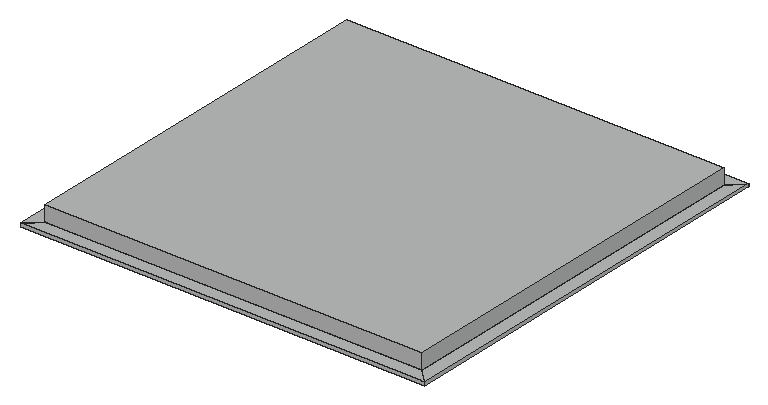
Revit family "AVRORA", category Осветительные приборы, Revit 2019 (continued)
Types (10, lengths in mm): name | built-in parameter 1150134 | Файл фотометрической сетки | built-in parameter 1150142 | built-in parameter 1150107 | Emit from Rectangle Width | Emit from Rectangle Length | Длина | Ширина | ADSK_Обозначение | ADSK_Наименование | ADSK_Код изделия
  AVRORA-32/opal-sand 595x595х25 (IP20, 4000К) | 12 | "Светильник AVRORA-32  OPAL-SAND-(595x595).ies" | "IESNA:LM-63-1995\r\n[TEST] Протокол №309/16 от 13.10.2016г. Испытательная лаборатория Государственного предприятия \"ЦСОТ НАН Беларуси\"\r\n[MORE] FFFFFFFD1F2E12BA115213F195F3B3642\r\n[DATA] 12.10.2016\r\n[MANUFAC] ЗАО \"Центрстройсвет\"\r\n[LUMCAT] Светильник AVRORA-32/OPAL-SAND-(595x595)\r\n[LUMINAIRE] \r\n[LAMP] \r\nTILT=NONE\r\n1    -1.0   1.000 46 181 1 2   0.595   0.595   0.025\r\n1.0  1.0   31.20\r\n0.0 2.0 4.0 6.0 8.0 10.0 12.0 14.0 16.0 18.0 20.0 22.0 24.0 26.0 28.0 30.0 32.0 34.0 36.0 38.0 40.0 42.0 44.0 46.0 48.0 50.0 52.0 54.0 56.0 58.0 60.0 62.0 64.0 66.0 68.0 70.0 72.0 74.0 76.0 78.0 80.0 82.0 84.0 86.0 88.0 90.0 \r\n0.0 2.0 4.0 6.0 8.0 10.0 12.0 14.0 16.0 18.0 20.0 22.0 24.0 26.0 28.0 30.0 32.0 34.0 36.0 38.0 40.0 42.0 44.0 46.0 48.0 50.0 52.0 54.0 56.0 58.0 60.0 62.0 64.0 66.0 68.0 70.0 72.0 74.0 76.0 78.0 80.0 82.0 84.0 86.0 88.0 90.0 92.0 94.0 96.0 98.0 100.0 102.0 104.0 106.0 108.0 110.0 112.0 114.0 116.0 118.0 120.0 122.0 124.0 126.0 128.0 130.0 132.0 134.0 136.0 138.0 140.0 142.0 144.0 146.0 148.0 150.0 152.0 154.0 156.0 158.0 160.0 162.0 164.0 166.0 168.0 170.0 172.0 174.0 176.0 178.0 180.0 182.0 184.0 186.0 188.0 190.0 192.0 194.0 196.0 198.0 200.0 202.0 204.0 206.0 208.0 210.0 212.0 214.0 216.0 218.0 220.0 222.0 224.0 226.0 228.0 230.0 232.0 234.0 236.0 238.0 240.0 242.0 244.0 246.0 248.0 250.0 252.0 254.0 256.0 258.0 260.0 262.0 264.0 266.0 268.0 270.0 272.0 274.0 276.0 278.0 280.0 282.0 284.0 286.0 288.0 290.0 292.0 294.0 296.0 298.0 300.0 302.0 304.0 306.0 308.0 310.0 312.0 314.0 316.0 318.0 320.0 322.0 324.0 326.0 328.0 330.0 332.0 334.0 336.0 338.0 340.0 342.0 344.0 346.0 348.0 350.0 352.0 354.0 356.0 358.0 360.0 \r\n1326.000 1325.400 1321.100 1316.400 1309.600 1298.800 1286.600 1272.400 1256.100 1237.700 1217.100 1194.900 1170.200 1145.200 1118.500 1089.600 1059.900 1028.100 995.900 \r\n962.300 927.100 891.300 854.400 817.300 779.100 740.600 700.900 660.600 620.100 579.300 538.100 496.900 455.600 413.900 372.600 331.800 291.800 252.400 214.100 177.100 139.900 \r\n103.500 75.300 45.100 22.500 0.700 \r\n1326.100 1325.600 1322.600 1316.200 1308.800 1298.700 1286.400 1272.300 1255.800 1237.700 1217.100 1195.100 1170.300 1145.600 1118.600 1090.000 1059.500 1028.100 995.800 \r\n962.100 927.000 891.100 854.400 816.800 778.900 740.200 700.700 660.500 620.100 579.300 538.000 496.900 455.200 413.800 372.600 331.700 291.700 252.400 214.100 177.100 139.900 \r\n103.700 75.300 45.100 22.400 0.700 \r\n1325.900 1325.200 1321.700 1315.600 1308.300 1298.500 1286.200 1272.100 1256.100 1237.400 1217.000 1195.300 1171.000 1145.900 1118.900 1089.600 1059.500 1028.000 995.500 \r\n961.900 926.900 890.900 854.100 816.600 778.700 740.200 700.400 660.300 619.900 579.200 538.000 496.800 455.200 413.500 372.300 331.800 291.600 252.400 214.100 177.200 140.000 \r\n103.800 75.300 45.100 22.400 0.800 \r\n1326.100 1325.500 1321.800 1316.500 1308.400 1298.600 1286.100 1272.200 1255.800 1237.300 1217.000 1194.800 1170.100 1145.200 1117.700 1089.400 1059.400 1027.900 995.300 \r\n961.900 926.700 890.900 854.000 817.000 778.400 739.800 700.400 660.300 620.000 579.200 538.000 496.900 455.400 413.700 372.600 331.800 291.600 252.500 214.200 177.300 140.100 \r\n104.000 75.300 45.300 22.400 0.800 \r\n1326.000 1325.400 1321.000 1315.800 1308.200 1298.400 1286.300 1272.300 1255.600 1237.200 1216.900 1194.200 1170.600 1145.000 1117.600 1089.100 1059.100 1027.500 995.300 \r\n961.800 926.500 890.600 854.100 816.500 778.500 739.600 700.300 660.200 619.900 579.200 538.000 496.700 455.300 413.900 372.400 332.100 291.800 252.500 214.200 177.400 140.200 \r\n104.400 75.300 45.300 22.000 0.800 \r\n1326.200 1325.500 1320.300 1316.500 1308.200 1298.500 1286.000 1272.200 1255.400 1237.200 1216.900 1194.200 1170.800 1144.700 1117.400 1089.200 1059.200 1027.500 995.200 \r\n961.400 926.300 890.500 854.000 816.300 778.200 739.600 700.000 660.000 619.700 579.000 537.900 496.600 455.300 413.700 372.500 331.900 291.700 252.500 214.300 177.400 140.300 \r\n104.600 75.300 45.200 21.400 0.800 \r\n1326.400 1325.800 1322.200 1316.600 1308.200 1298.200 1286.000 1272.100 1255.500 1237.000 1216.800 1194.300 1169.800 1145.500 1116.800 1089.000 1059.000 1027.500 994.900 \r\n961.300 926.000 890.500 854.000 815.700 778.600 739.700 700.100 660.200 619.800 578.900 537.800 496.800 455.200 414.100 372.600 331.600 291.900 252.600 214.400 177.500 140.400 \r\n105.000 75.200 44.700 20.800 0.800 \r\n1326.300 1326.400 1320.600 1316.800 1308.200 1298.200 1285.700 1271.700 1255.600 1236.700 1216.500 1194.500 1170.000 1144.300 1117.100 1088.900 1058.600 1027.200 994.500 \r\n961.200 925.800 890.400 853.700 815.900 778.100 740.000 700.000 659.900 619.400 578.800 537.700 496.700 455.300 413.900 372.600 331.900 291.700 252.700 214.400 177.700 140.500 \r\n105.400 75.000 44.300 20.100 0.800 \r\n1326.500 1324.900 1321.600 1316.200 1307.800 1298.000 1285.700 1271.800 1255.300 1236.500 1216.300 1194.200 1170.400 1144.600 1117.400 1088.800 1058.600 1027.000 994.300 \r\n961.000 925.800 890.000 853.500 816.100 777.800 739.700 699.800 659.700 619.400 578.600 537.600 496.600 455.000 413.600 372.700 332.000 291.800 252.800 214.600 177.700 140.600 \r\n105.700 74.300 43.700 19.400 0.800 \r\n1326.300 1325.200 1321.900 1316.400 1307.200 1297.900 1285.700 1271.600 1255.000 1236.800 1216.300 1194.200 1170.300 1144.600 1117.100 1088.500 1058.300 1026.800 994.200 \r\n960.700 925.600 889.700 853.200 815.900 777.500 738.900 699.800 659.700 619.300 578.700 537.700 496.500 454.800 413.800 372.700 332.100 292.100 252.800 214.700 177.800 140.700 \r\n105.600 73.600 43.600 18.700 0.900 \r\n1326.700 1325.600 1321.500 1316.400 1308.600 1298.200 1285.600 1271.700 1254.900 1236.600 1216.200 1194.100 1169.900 1144.500 1116.400 1088.200 1058.200 1026.700 994.100 \r\n960.400 925.600 889.800 853.000 815.700 777.600 739.000 699.700 659.500 619.200 578.700 537.600 496.600 455.000 413.800 372.700 331.900 291.800 252.900 214.700 177.900 140.700 \r\n105.800 73.100 43.400 17.800 0.900 \r\n1326.600 1324.900 1322.300 1315.900 1308.500 1298.100 1285.500 1271.500 1254.900 1236.100 1216.100 1193.300 1169.700 1143.900 1116.800 1088.100 1058.300 1026.500 994.000 \r\n960.100 925.400 889.800 852.900 815.500 777.500 739.000 699.300 659.500 619.100 578.600 537.500 496.500 455.100 413.900 373.100 332.100 292.000 252.900 214.800 177.900 140.600 \r\n105.500 72.000 43.400 17.100 0.900 \r\n1326.500 1325.100 1321.000 1316.400 1308.400 1298.000 1285.300 1271.100 1255.000 1235.900 1215.900 1193.000 1169.800 1144.100 1116.600 1088.000 1058.000 1026.200 993.800 \r\n960.100 925.100 889.700 853.000 815.300 777.100 739.000 699.300 659.400 619.000 578.600 537.500 496.500 455.000 414.100 373.000 332.100 292.100 253.000 214.800 177.900 140.300 \r\n105.000 71.600 43.700 16.400 0.900 \r\n1326.200 1325.000 1322.600 1315.600 1307.600 1297.800 1285.000 1271.000 1254.600 1236.100 1215.600 1193.400 1169.800 1143.900 1116.900 1087.800 1057.900 1026.300 993.600 \r\n960.100 925.100 889.200 852.800 815.500 777.300 738.500 699.100 659.300 619.000 578.400 537.500 496.400 455.100 413.400 372.800 332.500 292.000 253.100 214.900 177.900 139.700 \r\n105.200 70.900 43.500 15.600 0.900 \r\n1326.100 1326.000 1321.700 1315.800 1307.200 1297.800 1285.200 1271.200 1254.500 1236.100 1215.500 1193.900 1169.600 1143.900 1116.000 1087.400 1057.900 1026.300 993.600 \r\n959.800 924.800 889.000 852.600 814.800 777.500 738.900 699.100 659.300 619.000 578.200 537.300 496.400 454.900 414.000 372.900 332.200 292.100 253.100 214.800 177.600 139.200 \r\n104.300 69.500 43.800 14.800 0.900 \r\n1326.300 1325.600 1321.900 1315.800 1307.200 1297.700 1284.900 1271.000 1254.400 1236.100 1215.400 1193.200 1169.000 1144.300 1116.800 1087.400 1057.700 1025.900 993.400 \r\n959.600 924.500 889.000 852.300 815.000 777.200 738.500 698.900 659.300 619.000 578.300 537.400 496.400 454.900 414.000 372.900 332.100 292.100 253.200 214.700 177.000 139.000 \r\n103.700 69.100 43.700 14.100 0.900 \r\n1326.200 1324.200 1322.100 1315.600 1307.100 1297.600 1285.000 1270.700 1254.200 1235.900 1215.400 1193.200 1168.600 1144.400 1116.300 1087.700 1057.300 1025.800 993.200 \r\n959.400 924.600 888.800 852.200 814.800 777.200 738.400 699.200 659.300 618.900 578.200 537.400 496.400 455.100 413.600 372.700 332.400 292.200 253.100 214.400 176.300 138.500 \r\n104.300 68.600 43.500 13.500 0.900 \r\n1326.200 1324.500 1322.200 1315.900 1308.000 1297.900 1285.100 1270.800 1253.900 1235.800 1215.500 1193.000 1168.400 1143.200 1115.400 1087.100 1057.500 1025.600 992.900 \r\n959.300 924.500 888.600 852.200 813.900 776.800 738.300 698.800 659.100 619.000 578.400 537.200 496.200 455.100 413.800 372.400 332.200 292.100 252.800 213.900 175.900 137.600 \r\n102.800 67.300 43.300 12.900 1.000 \r\n1326.300 1324.100 1321.800 1315.900 1308.000 1297.700 1285.000 1270.800 1254.000 1235.700 1215.200 1193.200 1168.700 1143.200 1115.300 1087.500 1056.900 1025.600 993.000 \r\n959.100 924.300 888.700 852.300 814.900 776.600 738.100 698.600 658.900 619.000 578.100 537.100 496.200 455.100 413.700 372.600 332.100 291.800 252.600 213.100 175.700 137.000 \r\n102.500 67.400 42.600 12.400 1.000 \r\n1326.200 1325.200 1322.200 1315.200 1307.200 1297.700 1284.800 1270.600 1254.000 1235.500 1215.100 1192.400 1168.600 1143.900 1115.200 1087.200 1056.600 1025.300 992.800 \r\n959.000 924.200 888.700 852.000 814.600 776.700 738.000 698.500 658.900 618.900 578.000 537.100 496.300 454.900 413.900 372.900 332.100 291.300 252.000 212.400 175.300 136.900 \r\n102.500 67.100 41.400 12.200 1.000 \r\n1326.100 1325.500 1321.200 1314.300 1307.500 1297.600 1284.800 1270.200 1253.900 1235.600 1214.700 1192.200 1168.300 1142.500 1115.000 1086.600 1056.600 1024.900 992.600 \r\n959.000 924.000 888.500 851.900 814.300 776.700 737.800 698.700 658.800 618.900 577.900 537.000 496.200 454.900 413.800 372.700 332.000 290.800 251.200 211.800 174.400 136.700 \r\n102.500 66.900 40.800 12.600 1.000 \r\n1326.200 1325.300 1321.600 1314.700 1307.200 1297.200 1284.800 1270.200 1253.800 1235.600 1214.500 1192.600 1168.300 1143.200 1115.200 1087.000 1056.400 1025.200 992.400 \r\n959.000 924.000 888.200 851.500 814.100 776.100 737.700 698.600 658.800 618.800 578.000 537.000 496.200 454.800 413.700 372.500 331.700 290.500 250.400 211.500 173.300 136.300 \r\n102.200 67.000 39.700 12.700 1.000 \r\n1326.400 1324.700 1322.100 1314.600 1307.300 1297.400 1284.700 1270.400 1253.600 1235.200 1214.300 1191.900 1168.100 1142.600 1115.000 1086.600 1056.100 1025.100 992.300 \r\n958.800 924.000 888.100 851.600 815.000 776.700 737.700 698.400 658.700 618.900 578.000 536.900 496.100 454.900 413.500 372.700 331.600 290.300 249.600 211.200 172.800 135.100 \r\n101.200 67.600 38.800 12.500 1.000 \r\n1326.000 1324.700 1321.500 1315.300 1307.200 1297.300 1284.700 1270.400 1253.800 1234.800 1214.200 1191.900 1168.200 1142.000 1114.900 1086.200 1056.300 1025.000 992.300 \r\n958.400 923.900 888.300 851.500 814.200 776.600 737.300 698.300 658.700 618.600 577.800 536.800 496.000 454.800 413.500 372.400 331.400 290.000 249.000 210.700 171.600 134.100 \r\n100.400 67.700 37.700 11.800 1.000 \r\n1326.200 1325.000 1321.200 1315.800 1307.700 1297.000 1284.700 1270.000 1253.200 1235.000 1214.400 1192.500 1168.100 1141.800 1115.500 1086.300 1056.200 1024.700 992.100 \r\n958.400 923.600 887.900 851.100 813.700 775.800 737.500 698.300 658.500 618.600 577.700 536.700 495.900 454.800 413.200 372.400 331.200 289.300 248.100 209.700 170.300 133.900 \r\n100.200 67.900 36.800 11.100 1.100 \r\n1326.500 1324.900 1321.300 1316.000 1307.400 1296.700 1284.600 1269.900 1253.300 1235.000 1214.200 1191.500 1167.900 1142.100 1114.400 1086.200 1056.000 1024.600 992.100 \r\n958.600 923.400 888.100 851.100 813.800 776.400 737.800 698.000 658.500 618.300 577.600 536.800 496.000 454.700 413.500 372.300 330.700 288.600 247.300 209.000 170.000 133.700 \r\n99.900 67.200 36.000 10.300 1.100 \r\n1326.200 1324.600 1321.400 1315.300 1307.200 1296.800 1284.400 1269.700 1253.300 1234.500 1214.100 1192.100 1167.800 1141.700 1114.500 1086.200 1055.700 1024.600 992.000 \r\n958.300 923.400 887.800 851.100 813.700 776.700 737.400 698.100 658.400 618.400 577.700 536.700 495.900 454.700 413.100 372.000 330.400 287.700 247.100 208.200 169.500 133.500 \r\n99.700 67.000 35.000 9.700 1.100 \r\n1326.200 1325.200 1321.500 1315.800 1308.000 1297.000 1284.400 1269.800 1253.100 1234.800 1214.100 1192.100 1167.900 1142.200 1114.700 1086.000 1055.800 1024.600 992.000 \r\n958.200 923.300 887.700 851.100 813.300 775.900 737.400 698.500 658.400 618.300 577.800 536.600 495.900 454.600 413.300 372.100 329.600 287.500 247.300 207.700 168.100 133.300 \r\n99.400 66.900 34.500 9.200 1.100 \r\n1326.100 1325.200 1321.000 1316.000 1307.100 1296.500 1284.200 1269.400 1253.000 1234.900 1213.800 1191.800 1167.600 1142.100 1114.600 1086.100 1056.000 1024.300 991.800 \r\n957.900 923.200 888.000 851.100 813.500 776.100 737.600 698.300 658.300 618.100 577.700 536.800 495.800 454.500 413.200 371.600 328.800 287.300 247.400 206.300 167.000 132.900 98.900 \r\n66.800 34.300 8.800 1.000 \r\n1326.100 1324.600 1321.200 1316.000 1307.100 1296.200 1284.200 1269.600 1252.900 1234.300 1213.700 1191.600 1167.500 1141.600 1114.500 1085.700 1055.800 1024.100 991.600 \r\n958.000 923.200 887.800 851.100 813.400 775.800 737.100 698.100 658.300 618.100 577.500 536.600 495.800 454.500 412.500 371.000 328.000 286.900 246.900 205.800 166.200 131.800 97.600 \r\n66.600 34.500 7.600 1.000 \r\n1326.300 1324.000 1321.700 1315.800 1305.900 1296.500 1284.000 1269.700 1252.500 1234.300 1213.700 1191.200 1167.400 1141.800 1114.500 1085.600 1055.600 1024.200 991.500 \r\n958.100 923.000 887.600 850.900 813.300 775.700 737.200 697.700 658.200 618.100 577.600 536.600 495.800 454.400 412.700 370.300 327.300 286.600 246.100 206.000 165.500 130.100 97.000 \r\n66.100 34.500 7.200 1.000 \r\n1325.900 1323.900 1321.100 1314.900 1307.000 1296.700 1284.300 1269.600 1252.700 1233.900 1213.500 1191.300 1167.400 1141.200 1114.500 1085.700 1055.700 1024.000 991.600 \r\n957.900 922.900 887.800 850.800 813.600 775.800 737.100 697.800 658.100 618.100 577.500 536.500 495.600 454.400 412.200 369.800 326.800 286.500 245.400 206.900 164.100 129.500 96.600 \r\n65.500 34.600 7.500 1.000 \r\n1326.200 1323.800 1321.600 1315.100 1307.000 1296.600 1284.000 1269.400 1252.700 1233.900 1213.200 1190.900 1167.400 1141.300 1113.200 1085.500 1055.600 1024.200 991.600 \r\n957.500 923.000 887.100 850.600 813.500 775.100 737.000 697.400 658.100 617.900 577.500 536.500 495.500 454.000 412.100 368.700 326.300 286.000 244.900 206.800 164.200 128.900 96.100 \r\n64.900 34.800 7.200 0.900 \r\n1326.300 1324.800 1321.100 1315.300 1306.400 1296.200 1283.600 1269.400 1252.900 1234.400 1213.300 1191.100 1167.000 1141.500 1113.300 1085.100 1055.300 1023.800 991.600 \r\n957.400 922.900 887.700 850.600 813.600 775.800 736.900 697.800 658.000 618.000 577.400 536.400 495.600 454.000 411.900 368.000 325.900 285.900 244.600 206.400 165.400 127.700 95.500 \r\n64.400 34.600 7.000 0.900 \r\n1326.300 1325.300 1321.300 1315.000 1307.400 1296.200 1283.600 1269.300 1252.600 1234.000 1213.300 1191.500 1167.000 1141.100 1114.000 1085.100 1055.100 1023.500 991.600 \r\n957.300 922.500 887.100 850.500 813.500 775.700 737.000 697.600 658.000 617.900 577.200 536.400 495.400 453.900 411.200 367.800 325.900 285.600 244.400 206.000 165.500 128.000 94.400 \r\n63.900 34.300 6.600 0.800 \r\n1326.500 1324.700 1321.400 1315.100 1307.000 1296.300 1284.000 1269.100 1252.200 1233.700 1213.400 1191.300 1166.700 1140.800 1113.900 1085.000 1055.300 1023.500 991.300 \r\n957.600 922.500 887.000 850.400 813.400 775.700 737.000 697.900 657.900 617.800 577.200 536.300 495.400 453.700 411.000 367.500 325.700 285.100 244.000 205.000 165.400 128.400 93.500 \r\n63.300 34.000 5.000 0.800 \r\n1326.500 1324.400 1321.500 1315.100 1306.800 1296.400 1284.100 1269.200 1251.900 1233.700 1213.200 1190.900 1166.800 1140.900 1113.500 1084.900 1055.300 1023.500 991.000 \r\n957.500 922.200 887.100 850.300 813.000 775.100 736.800 697.800
